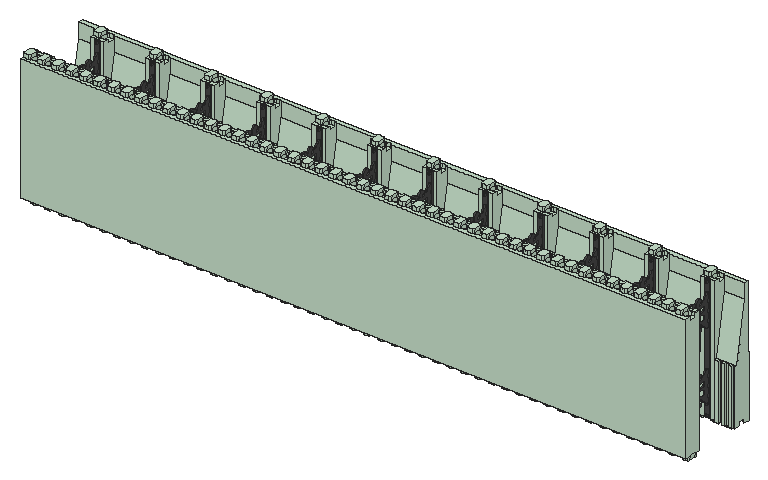
Revit family
Parameters (values of type "152 mm Taper Top Form Unit")
  URL = "www.nudura.com"
  Overall Form Thickness = 285.8 mm
  Model = "152 mm Single Sided Taper Top Form Unit"
  Manufacturer = "NUDURA Corporation"
  Length = 2438.4 mm
  Concrete Core Thickness = 152.4 mm
Reference planes
  plane 1 "Center (Front/Back)": y = 0
  plane 2: z = 0
  plane 3 "Center (Left/Right)": x = 0
Forms (mm)
  Extrusion 1, solid, material "EPS- NUDURA- Foam Panel"
    sketch origin (0, 0.019, 0) x (1, 0, 0) y (0, 1, 0)
      loop
        line (7.142, -82.55) -> (0, -82.55) -> (0, -142.875) -> (2438.4, -142.875) -> (2438.4, -82.55) -> (2431.258, -82.55) -> (2432.842, -76.2) -> (2418.558, -76.2) -> (2420.142, -82.55) -> (2405.858, -82.55) -> (2407.442, -76.2) -> (2393.158, -76.2) -> (2394.742, -82.55) -> (2380.458, -82.55) -> (2382.042, -76.2) -> (2367.758, -76.2) -> (2369.342, -82.55) -> (2304.258, -82.55) -> (2305.842, -76.2) -> (2291.558, -76.2) -> (2293.142, -82.55) -> (2278.858, -82.55) -> (2280.442, -76.2) -> (2266.158, -76.2) -> (2267.742, -82.55) -> (2253.458, -82.55) -> (2255.042, -76.2) -> (2240.758, -76.2) -> (2242.342, -82.55) -> (2228.058, -82.55) -> (2229.642, -76.2) -> (2215.358, -76.2) -> (2216.942, -82.55) -> (2202.658, -82.55) -> (2204.242, -76.2) -> (2189.958, -76.2) -> (2191.542, -82.55) -> (2177.258, -82.55) -> (2178.842, -76.2) -> (2164.558, -76.2) -> (2166.142, -82.55) -> (2101.058, -82.55) -> (2102.642, -76.2) -> (2088.358, -76.2) -> (2089.942, -82.55) -> (2075.658, -82.55) -> (2077.242, -76.2) -> (2062.958, -76.2) -> (2064.542, -82.55) -> (2050.258, -82.55) -> (2051.842, -76.2) -> (2037.558, -76.2) -> (2039.142, -82.55) -> (2024.858, -82.55) -> (2026.442, -76.2) -> (2012.158, -76.2) -> (2013.742, -82.55) -> (1999.458, -82.55) -> (2001.042, -76.2) -> (1986.758, -76.2) -> (1988.342, -82.55) -> (1974.058, -82.55) -> (1975.642, -76.2) -> (1961.358, -76.2) -> (1962.942, -82.55) -> (1897.858, -82.55) -> (1899.442, -76.2) -> (1885.158, -76.2) -> (1886.742, -82.55) -> (1872.458, -82.55) -> (1874.042, -76.2) -> (1859.758, -76.2) -> (1861.342, -82.55) -> (1847.058, -82.55) -> (1848.642, -76.2) -> (1834.358, -76.2) -> (1835.942, -82.55) -> (1821.658, -82.55) -> (1823.242, -76.2) -> (1808.958, -76.2) -> (1810.542, -82.55) -> (1796.258, -82.55) -> (1797.842, -76.2) -> (1783.558, -76.2) -> (1785.142, -82.55) -> (1770.858, -82.55) -> (1772.442, -76.2) -> (1758.158, -76.2) -> (1759.742, -82.55) -> (1694.658, -82.55) -> (1696.242, -76.2) -> (1681.958, -76.2) -> (1683.542, -82.55) -> (1669.258, -82.55) -> (1670.842, -76.2) -> (1656.558, -76.2) -> (1658.142, -82.55) -> (1643.858, -82.55) -> (1645.442, -76.2) -> (1631.158, -76.2) -> (1632.742, -82.55) -> (1618.458, -82.55) -> (1620.042, -76.2) -> (1605.758, -76.2) -> (1607.342, -82.55) -> (1593.058, -82.55) -> (1594.642, -76.2) -> (1580.358, -76.2) -> (1581.942, -82.55) -> (1567.658, -82.55) -> (1569.242, -76.2) -> (1554.958, -76.2) -> (1556.542, -82.55) -> (1491.458, -82.55) -> (1493.042, -76.2) -> (1478.758, -76.2) -> (1480.342, -82.55) -> (1466.058, -82.55) -> (1467.642, -76.2) -> (1453.358, -76.2) -> (1454.942, -82.55) -> (1440.658, -82.55) -> (1442.242, -76.2) -> (1427.958, -76.2) -> (1429.542, -82.55) -> (1415.258, -82.55) -> (1416.842, -76.2) -> (1402.558, -76.2) -> (1404.142, -82.55) -> (1389.858, -82.55) -> (1391.442, -76.2) -> (1377.158, -76.2) -> (1378.742, -82.55) -> (1364.458, -82.55) -> (1366.042, -76.2) -> (1351.758, -76.2) -> (1353.342, -82.55) -> (1288.258, -82.55) -> (1289.842, -76.2) -> (1275.558, -76.2) -> (1277.142, -82.55) -> (1262.858, -82.55) -> (1264.442, -76.2) -> (1250.158, -76.2) -> (1251.742, -82.55) -> (1237.458, -82.55) -> (1239.042, -76.2) -> (1224.758, -76.2) -> (1226.342, -82.55) -> (1212.058, -82.55) -> (1213.642, -76.2) -> (1199.358, -76.2) -> (1200.942, -82.55) -> (1186.658, -82.55) -> (1188.242, -76.2) -> (1173.958, -76.2) -> (1175.542, -82.55) -> (1161.258, -82.55) -> (1162.842, -76.2) -> (1148.558, -76.2) -> (1150.142, -82.55) -> (1085.058, -82.55) -> (1086.642, -76.2) -> (1072.358, -76.2) -> (1073.942, -82.55) -> (1059.658, -82.55) -> (1061.242, -76.2) -> (1046.958, -76.2) -> (1048.542, -82.55) -> (1034.258, -82.55) -> (1035.842, -76.2) -> (1021.558, -76.2) -> (1023.142, -82.55) -> (1008.858, -82.55) -> (1010.442, -76.2) -> (996.158, -76.2) -> (997.742, -82.55) -> (983.458, -82.55) -> (985.042, -76.2) -> (970.758, -76.2) -> (972.342, -82.55) -> (958.058, -82.55) -> (959.642, -76.2) -> (945.358, -76.2) -> (946.942, -82.55) -> (881.858, -82.55) -> (883.442, -76.2) -> (869.158, -76.2) -> (870.742, -82.55) -> (856.458, -82.55) -> (858.042, -76.2) -> (843.758, -76.2) -> (845.342, -82.55) -> (831.058, -82.55) -> (832.642, -76.2) -> (818.358, -76.2) -> (819.942, -82.55) -> (805.658, -82.55) -> (807.242, -76.2) -> (792.958, -76.2) -> (794.542, -82.55) -> (780.258, -82.55) -> (781.842, -76.2) -> (767.558, -76.2) -> (769.142, -82.55) -> (754.858, -82.55) -> (756.442, -76.2) -> (742.158, -76.2) -> (743.742, -82.55) -> (678.658, -82.55) -> (680.242, -76.2) -> (665.958, -76.2) -> (667.542, -82.55) -> (653.258, -82.55) -> (654.842, -76.2) -> (640.558, -76.2) -> (642.142, -82.55) -> (627.858, -82.55) -> (629.442, -76.2) -> (615.158, -76.2) -> (616.742, -82.55) -> (602.458, -82.55) -> (604.042, -76.2) -> (589.758, -76.2) -> (591.342, -82.55) -> (577.058, -82.55) -> (578.642, -76.2) -> (564.358, -76.2) -> (565.942, -82.55) -> (551.658, -82.55) -> (553.242, -76.2) -> (538.958, -76.2) -> (540.542, -82.55) -> (475.458, -82.55) -> (477.042, -76.2) -> (462.758, -76.2) -> (464.342, -82.55) -> (450.058, -82.55) -> (451.642, -76.2) -> (437.358, -76.2) -> (438.942, -82.55) -> (424.658, -82.55) -> (426.242, -76.2) -> (411.958, -76.2) -> (413.542, -82.55) -> (399.258, -82.55) -> (400.842, -76.2) -> (386.558, -76.2) -> (388.142, -82.55) -> (373.858, -82.55) -> (375.442, -76.2) -> (361.158, -76.2) -> (362.742, -82.55) -> (348.458, -82.55) -> (350.042, -76.2) -> (335.758, -76.2) -> (337.342, -82.55) -> (272.258, -82.55) -> (273.842, -76.2) -> (259.558, -76.2) -> (261.142, -82.55) -> (246.858, -82.55) -> (248.442, -76.2) -> (234.158, -76.2) -> (235.742, -82.55) -> (221.458, -82.55) -> (223.042, -76.2) -> (208.758, -76.2) -> (210.342, -82.55) -> (196.058, -82.55) -> (197.642, -76.2) -> (183.358, -76.2) -> (184.942, -82.55) -> (170.658, -82.55) -> (172.242, -76.2) -> (157.958, -76.2) -> (159.542, -82.55) -> (145.258, -82.55) -> (146.842, -76.2) -> (132.558, -76.2) -> (134.142, -82.55) -> (69.058, -82.55) -> (70.642, -76.2) -> (56.358, -76.2) -> (57.942, -82.55) -> (43.658, -82.55) -> (45.242, -76.2) -> (30.958, -76.2) -> (32.542, -82.55) -> (18.258, -82.55) -> (19.842, -76.2) -> (5.558, -76.2) -> (7.142, -82.55)
    from 0 to 457.2
  Extrusion 2, void
    sketch origin (0, 0.019, 0) x (1, 0, 0) y (0, 1, 0)
      loop
        arc (25.4, -124.411) -> (26.615, -128.147) -> (29.796, -130.453) r 6.35
        arc (29.796, -130.453) -> (38.1, -131.763) -> (46.404, -130.453) r 26.987
        arc (46.404, -130.453) -> (49.585, -128.147) -> (50.8, -124.411) r 6.35
        line (50.8, -124.411) -> (50.8, -101.014)
        arc (50.8, -101.014) -> (50.362, -98.696) -> (49.108, -96.698) r 6.35
        arc (49.108, -96.698) -> (48.795, -96.199) -> (48.685, -95.62) r 1.588
        line (48.685, -95.62) -> (48.685, -86.829) -> (44.346, -86.829) -> (44.346, -92.457)
        arc (44.346, -92.457) -> (43.786, -93.668) -> (42.5, -94.024) r 1.587
        arc (42.5, -94.024) -> (36.091, -93.737) -> (29.796, -94.972) r 26.988
        arc (29.796, -94.972) -> (26.615, -97.278) -> (25.4, -101.014) r 6.35
        line (25.4, -101.014) -> (25.4, -124.411)
    from 457.2 to 444.5
  Extrusion 3, void
    sketch origin (50.8, 0.019, 0) x (1, 0, 0) y (0, 1, 0)
      loop
        arc (25.4, -124.411) -> (26.615, -128.147) -> (29.796, -130.453) r 6.35
        arc (29.796, -130.453) -> (38.1, -131.763) -> (46.404, -130.453) r 26.987
        arc (46.404, -130.453) -> (49.585, -128.147) -> (50.8, -124.411) r 6.35
        line (50.8, -124.411) -> (50.8, -101.014)
        arc (50.8, -101.014) -> (50.362, -98.696) -> (49.108, -96.698) r 6.35
        arc (49.108, -96.698) -> (48.795, -96.199) -> (48.685, -95.62) r 1.588
        line (48.685, -95.62) -> (48.685, -86.829) -> (44.346, -86.829) -> (44.346, -92.457)
        arc (44.346, -92.457) -> (43.786, -93.668) -> (42.5, -94.024) r 1.587
        arc (42.5, -94.024) -> (36.091, -93.737) -> (29.796, -94.972) r 26.988
        arc (29.796, -94.972) -> (26.615, -97.278) -> (25.4, -101.014) r 6.35
        line (25.4, -101.014) -> (25.4, -124.411)
    from 457.2 to 444.5
  Extrusion 4, void
    sketch origin (101.6, 0.019, 0) x (1, 0, 0) y (0, 1, 0)
      loop
        arc (25.4, -124.411) -> (26.615, -128.147) -> (29.796, -130.453) r 6.35
        arc (29.796, -130.453) -> (38.1, -131.763) -> (46.404, -130.453) r 26.987
        arc (46.404, -130.453) -> (49.585, -128.147) -> (50.8, -124.411) r 6.35
        line (50.8, -124.411) -> (50.8, -101.014)
        arc (50.8, -101.014) -> (50.362, -98.696) -> (49.108, -96.698) r 6.35
        arc (49.108, -96.698) -> (48.795, -96.199) -> (48.685, -95.62) r 1.588
        line (48.685, -95.62) -> (48.685, -86.829) -> (44.346, -86.829) -> (44.346, -92.457)
        arc (44.346, -92.457) -> (43.786, -93.668) -> (42.5, -94.024) r 1.587
        arc (42.5, -94.024) -> (36.091, -93.737) -> (29.796, -94.972) r 26.988
        arc (29.796, -94.972) -> (26.615, -97.278) -> (25.4, -101.014) r 6.35
        line (25.4, -101.014) -> (25.4, -124.411)
    from 457.2 to 444.5
  Extrusion 5, void
    sketch origin (152.4, 0.019, 0) x (1, 0, 0) y (0, 1, 0)
      loop
        arc (25.4, -124.411) -> (26.615, -128.147) -> (29.796, -130.453) r 6.35
        arc (29.796, -130.453) -> (38.1, -131.763) -> (46.404, -130.453) r 26.987
        arc (46.404, -130.453) -> (49.585, -128.147) -> (50.8, -124.411) r 6.35
        line (50.8, -124.411) -> (50.8, -101.014)
        arc (50.8, -101.014) -> (50.362, -98.696) -> (49.108, -96.698) r 6.35
        arc (49.108, -96.698) -> (48.795, -96.199) -> (48.685, -95.62) r 1.588
        line (48.685, -95.62) -> (48.685, -86.829) -> (44.346, -86.829) -> (44.346, -92.457)
        arc (44.346, -92.457) -> (43.786, -93.668) -> (42.5, -94.024) r 1.587
        arc (42.5, -94.024) -> (36.091, -93.737) -> (29.796, -94.972) r 26.988
        arc (29.796, -94.972) -> (26.615, -97.278) -> (25.4, -101.014) r 6.35
        line (25.4, -101.014) -> (25.4, -124.411)
    from 457.2 to 444.5
  Extrusion 6, void
    sketch origin (203.2, 0.019, 0) x (1, 0, 0) y (0, 1, 0)
      loop
        arc (25.4, -124.411) -> (26.615, -128.147) -> (29.796, -130.453) r 6.35
        arc (29.796, -130.453) -> (38.1, -131.763) -> (46.404, -130.453) r 26.987
        arc (46.404, -130.453) -> (49.585, -128.147) -> (50.8, -124.411) r 6.35
        line (50.8, -124.411) -> (50.8, -101.014)
        arc (50.8, -101.014) -> (50.362, -98.696) -> (49.108, -96.698) r 6.35
        arc (49.108, -96.698) -> (48.795, -96.199) -> (48.685, -95.62) r 1.588
        line (48.685, -95.62) -> (48.685, -86.829) -> (44.346, -86.829) -> (44.346, -92.457)
        arc (44.346, -92.457) -> (43.786, -93.668) -> (42.5, -94.024) r 1.587
        arc (42.5, -94.024) -> (36.091, -93.737) -> (29.796, -94.972) r 26.988
        arc (29.796, -94.972) -> (26.615, -97.278) -> (25.4, -101.014) r 6.35
        line (25.4, -101.014) -> (25.4, -124.411)
    from 457.2 to 444.5
  Extrusion 7, void
    sketch origin (254, 0.019, 0) x (1, 0, 0) y (0, 1, 0)
      loop
        arc (25.4, -124.411) -> (26.615, -128.147) -> (29.796, -130.453) r 6.35
        arc (29.796, -130.453) -> (38.1, -131.763) -> (46.404, -130.453) r 26.987
        arc (46.404, -130.453) -> (49.585, -128.147) -> (50.8, -124.411) r 6.35
        line (50.8, -124.411) -> (50.8, -101.014)
        arc (50.8, -101.014) -> (50.362, -98.696) -> (49.108, -96.698) r 6.35
        arc (49.108, -96.698) -> (48.795, -96.199) -> (48.685, -95.62) r 1.588
        line (48.685, -95.62) -> (48.685, -86.829) -> (44.346, -86.829) -> (44.346, -92.457)
        arc (44.346, -92.457) -> (43.786, -93.668) -> (42.5, -94.024) r 1.587
        arc (42.5, -94.024) -> (36.091, -93.737) -> (29.796, -94.972) r 26.988
        arc (29.796, -94.972) -> (26.615, -97.278) -> (25.4, -101.014) r 6.35
        line (25.4, -101.014) -> (25.4, -124.411)
    from 457.2 to 444.5
  Extrusion 8, void
    sketch origin (304.8, 0.019, 0) x (1, 0, 0) y (0, 1, 0)
      loop
        arc (25.4, -124.411) -> (26.615, -128.147) -> (29.796, -130.453) r 6.35
        arc (29.796, -130.453) -> (38.1, -131.763) -> (46.404, -130.453) r 26.987
        arc (46.404, -130.453) -> (49.585, -128.147) -> (50.8, -124.411) r 6.35
        line (50.8, -124.411) -> (50.8, -101.014)
        arc (50.8, -101.014) -> (50.362, -98.696) -> (49.108, -96.698) r 6.35
        arc (49.108, -96.698) -> (48.795, -96.199) -> (48.685, -95.62) r 1.588
        line (48.685, -95.62) -> (48.685, -86.829) -> (44.346, -86.829) -> (44.346, -92.457)
        arc (44.346, -92.457) -> (43.786, -93.668) -> (42.5, -94.024) r 1.587
        arc (42.5, -94.024) -> (36.091, -93.737) -> (29.796, -94.972) r 26.988
        arc (29.796, -94.972) -> (26.615, -97.278) -> (25.4, -101.014) r 6.35
        line (25.4, -101.014) -> (25.4, -124.411)
    from 457.2 to 444.5
  Extrusion 9, void
    sketch origin (355.6, 0.019, 0) x (1, 0, 0) y (0, 1, 0)
      loop
        arc (25.4, -124.411) -> (26.615, -128.147) -> (29.796, -130.453) r 6.35
        arc (29.796, -130.453) -> (38.1, -131.763) -> (46.404, -130.453) r 26.987
        arc (46.404, -130.453) -> (49.585, -128.147) -> (50.8, -124.411) r 6.35
        line (50.8, -124.411) -> (50.8, -101.014)
        arc (50.8, -101.014) -> (50.362, -98.696) -> (49.108, -96.698) r 6.35
        arc (49.108, -96.698) -> (48.795, -96.199) -> (48.685, -95.62) r 1.588
        line (48.685, -95.62) -> (48.685, -86.829) -> (44.346, -86.829) -> (44.346, -92.457)
        arc (44.346, -92.457) -> (43.786, -93.668) -> (42.5, -94.024) r 1.587
        arc (42.5, -94.024) -> (36.091, -93.737) -> (29.796, -94.972) r 26.988
        arc (29.796, -94.972) -> (26.615, -97.278) -> (25.4, -101.014) r 6.35
        line (25.4, -101.014) -> (25.4, -124.411)
    from 457.2 to 444.5
  Extrusion 10, void
    sketch origin (406.4, 0.019, 0) x (1, 0, 0) y (0, 1, 0)
      loop
        arc (25.4, -124.411) -> (26.615, -128.147) -> (29.796, -130.453) r 6.35
        arc (29.796, -130.453) -> (38.1, -131.763) -> (46.404, -130.453) r 26.987
        arc (46.404, -130.453) -> (49.585, -128.147) -> (50.8, -124.411) r 6.35
        line (50.8, -124.411) -> (50.8, -101.014)
        arc (50.8, -101.014) -> (50.362, -98.696) -> (49.108, -96.698) r 6.35
        arc (49.108, -96.698) -> (48.795, -96.199) -> (48.685, -95.62) r 1.588
        line (48.685, -95.62) -> (48.685, -86.829) -> (44.346, -86.829) -> (44.346, -92.457)
        arc (44.346, -92.457) -> (43.786, -93.668) -> (42.5, -94.024) r 1.587
        arc (42.5, -94.024) -> (36.091, -93.737) -> (29.796, -94.972) r 26.988
        arc (29.796, -94.972) -> (26.615, -97.278) -> (25.4, -101.014) r 6.35
        line (25.4, -101.014) -> (25.4, -124.411)
    from 457.2 to 444.5
  Extrusion 11, void
    sketch origin (457.2, 0.019, 0) x (1, 0, 0) y (0, 1, 0)
      loop
        arc (25.4, -124.411) -> (26.615, -128.147) -> (29.796, -130.453) r 6.35
        arc (29.796, -130.453) -> (38.1, -131.763) -> (46.404, -130.453) r 26.987
        arc (46.404, -130.453) -> (49.585, -128.147) -> (50.8, -124.411) r 6.35
        line (50.8, -124.411) -> (50.8, -101.014)
        arc (50.8, -101.014) -> (50.362, -98.696) -> (49.108, -96.698) r 6.35
        arc (49.108, -96.698) -> (48.795, -96.199) -> (48.685, -95.62) r 1.588
        line (48.685, -95.62) -> (48.685, -86.829) -> (44.346, -86.829) -> (44.346, -92.457)
        arc (44.346, -92.457) -> (43.786, -93.668) -> (42.5, -94.024) r 1.587
        arc (42.5, -94.024) -> (36.091, -93.737) -> (29.796, -94.972) r 26.988
        arc (29.796, -94.972) -> (26.615, -97.278) -> (25.4, -101.014) r 6.35
        line (25.4, -101.014) -> (25.4, -124.411)
    from 457.2 to 444.5
  Extrusion 12, void
    sketch origin (508, 0.019, 0) x (1, 0, 0) y (0, 1, 0)
      loop
        arc (25.4, -124.411) -> (26.615, -128.147) -> (29.796, -130.453) r 6.35
        arc (29.796, -130.453) -> (38.1, -131.763) -> (46.404, -130.453) r 26.987
        arc (46.404, -130.453) -> (49.585, -128.147) -> (50.8, -124.411) r 6.35
        line (50.8, -124.411) -> (50.8, -101.014)
        arc (50.8, -101.014) -> (50.362, -98.696) -> (49.108, -96.698) r 6.35
        arc (49.108, -96.698) -> (48.795, -96.199) -> (48.685, -95.62) r 1.588
        line (48.685, -95.62) -> (48.685, -86.829) -> (44.346, -86.829) -> (44.346, -92.457)
        arc (44.346, -92.457) -> (43.786, -93.668) -> (42.5, -94.024) r 1.587
        arc (42.5, -94.024) -> (36.091, -93.737) -> (29.796, -94.972) r 26.988
        arc (29.796, -94.972) -> (26.615, -97.278) -> (25.4, -101.014) r 6.35
        line (25.4, -101.014) -> (25.4, -124.411)
    from 457.2 to 444.5
  Extrusion 13, void
    sketch origin (558.8, 0.019, 0) x (1, 0, 0) y (0, 1, 0)
      loop
        arc (25.4, -124.411) -> (26.615, -128.147) -> (29.796, -130.453) r 6.35
        arc (29.796, -130.453) -> (38.1, -131.763) -> (46.404, -130.453) r 26.987
        arc (46.404, -130.453) -> (49.585, -128.147) -> (50.8, -124.411) r 6.35
        line (50.8, -124.411) -> (50.8, -101.014)
        arc (50.8, -101.014) -> (50.362, -98.696) -> (49.108, -96.698) r 6.35
        arc (49.108, -96.698) -> (48.795, -96.199) -> (48.685, -95.62) r 1.588
        line (48.685, -95.62) -> (48.685, -86.829) -> (44.346, -86.829) -> (44.346, -92.457)
        arc (44.346, -92.457) -> (43.786, -93.668) -> (42.5, -94.024) r 1.587
        arc (42.5, -94.024) -> (36.091, -93.737) -> (29.796, -94.972) r 26.988
        arc (29.796, -94.972) -> (26.615, -97.278) -> (25.4, -101.014) r 6.35
        line (25.4, -101.014) -> (25.4, -124.411)
    from 457.2 to 444.5
  Extrusion 14, void
    sketch origin (609.6, 0.019, 0) x (1, 0, 0) y (0, 1, 0)
      loop
        arc (25.4, -124.411) -> (26.615, -128.147) -> (29.796, -130.453) r 6.35
        arc (29.796, -130.453) -> (38.1, -131.763) -> (46.404, -130.453) r 26.987
        arc (46.404, -130.453) -> (49.585, -128.147) -> (50.8, -124.411) r 6.35
        line (50.8, -124.411) -> (50.8, -101.014)
        arc (50.8, -101.014) -> (50.362, -98.696) -> (49.108, -96.698) r 6.35
        arc (49.108, -96.698) -> (48.795, -96.199) -> (48.685, -95.62) r 1.588
        line (48.685, -95.62) -> (48.685, -86.829) -> (44.346, -86.829) -> (44.346, -92.457)
        arc (44.346, -92.457) -> (43.786, -93.668) -> (42.5, -94.024) r 1.587
        arc (42.5, -94.024) -> (36.091, -93.737) -> (29.796, -94.972) r 26.988
        arc (29.796, -94.972) -> (26.615, -97.278) -> (25.4, -101.014) r 6.35
        line (25.4, -101.014) -> (25.4, -124.411)
    from 457.2 to 444.5
  Extrusion 15, void
    sketch origin (660.4, 0.019, 0) x (1, 0, 0) y (0, 1, 0)
      loop
        arc (25.4, -124.411) -> (26.615, -128.147) -> (29.796, -130.453) r 6.35
        arc (29.796, -130.453) -> (38.1, -131.763) -> (46.404, -130.453) r 26.987
        arc (46.404, -130.453) -> (49.585, -128.147) -> (50.8, -124.411) r 6.35
        line (50.8, -124.411) -> (50.8, -101.014)
        arc (50.8, -101.014) -> (50.362, -98.696) -> (49.108, -96.698) r 6.35
        arc (49.108, -96.698) -> (48.795, -96.199) -> (48.685, -95.62) r 1.588
        line (48.685, -95.62) -> (48.685, -86.829) -> (44.346, -86.829) -> (44.346, -92.457)
        arc (44.346, -92.457) -> (43.786, -93.668) -> (42.5, -94.024) r 1.587
        arc (42.5, -94.024) -> (36.091, -93.737) -> (29.796, -94.972) r 26.988
        arc (29.796, -94.972) -> (26.615, -97.278) -> (25.4, -101.014) r 6.35
        line (25.4, -101.014) -> (25.4, -124.411)
    from 457.2 to 444.5
  Extrusion 16, void
    sketch origin (711.2, 0.019, 0) x (1, 0, 0) y (0, 1, 0)
      loop
        arc (25.4, -124.411) -> (26.615, -128.147) -> (29.796, -130.453) r 6.35
        arc (29.796, -130.453) -> (38.1, -131.763) -> (46.404, -130.453) r 26.987
        arc (46.404, -130.453) -> (49.585, -128.147) -> (50.8, -124.411) r 6.35
        line (50.8, -124.411) -> (50.8, -101.014)
        arc (50.8, -101.014) -> (50.362, -98.696) -> (49.108, -96.698) r 6.35
        arc (49.108, -96.698) -> (48.795, -96.199) -> (48.685, -95.62) r 1.588
        line (48.685, -95.62) -> (48.685, -86.829) -> (44.346, -86.829) -> (44.346, -92.457)
        arc (44.346, -92.457) -> (43.786, -93.668) -> (42.5, -94.024) r 1.587
        arc (42.5, -94.024) -> (36.091, -93.737) -> (29.796, -94.972) r 26.988
        arc (29.796, -94.972) -> (26.615, -97.278) -> (25.4, -101.014) r 6.35
        line (25.4, -101.014) -> (25.4, -124.411)
    from 457.2 to 444.5
  Extrusion 17, void
    sketch origin (762, 0.019, 0) x (1, 0, 0) y (0, 1, 0)
      loop
        arc (25.4, -124.411) -> (26.615, -128.147) -> (29.796, -130.453) r 6.35
        arc (29.796, -130.453) -> (38.1, -131.763) -> (46.404, -130.453) r 26.987
        arc (46.404, -130.453) -> (49.585, -128.147) -> (50.8, -124.411) r 6.35
        line (50.8, -124.411) -> (50.8, -101.014)
        arc (50.8, -101.014) -> (50.362, -98.696) -> (49.108, -96.698) r 6.35
        arc (49.108, -96.698) -> (48.795, -96.199) -> (48.685, -95.62) r 1.588
        line (48.685, -95.62) -> (48.685, -86.829) -> (44.346, -86.829) -> (44.346, -92.457)
        arc (44.346, -92.457) -> (43.786, -93.668) -> (42.5, -94.024) r 1.587
        arc (42.5, -94.024) -> (36.091, -93.737) -> (29.796, -94.972) r 26.988
        arc (29.796, -94.972) -> (26.615, -97.278) -> (25.4, -101.014) r 6.35
        line (25.4, -101.014) -> (25.4, -124.411)
    from 457.2 to 444.5
  Extrusion 18, void
    sketch origin (812.8, 0.019, 0) x (1, 0, 0) y (0, 1, 0)
      loop
        arc (25.4, -124.411) -> (26.615, -128.147) -> (29.796, -130.453) r 6.35
        arc (29.796, -130.453) -> (38.1, -131.763) -> (46.404, -130.453) r 26.987
        arc (46.404, -130.453) -> (49.585, -128.147) -> (50.8, -124.411) r 6.35
        line (50.8, -124.411) -> (50.8, -101.014)
        arc (50.8, -101.014) -> (50.362, -98.696) -> (49.108, -96.698) r 6.35
        arc (49.108, -96.698) -> (48.795, -96.199) -> (48.685, -95.62) r 1.588
        line (48.685, -95.62) -> (48.685, -86.829) -> (44.346, -86.829) -> (44.346, -92.457)
        arc (44.346, -92.457) -> (43.786, -93.668) -> (42.5, -94.024) r 1.587
        arc (42.5, -94.024) -> (36.091, -93.737) -> (29.796, -94.972) r 26.988
        arc (29.796, -94.972) -> (26.615, -97.278) -> (25.4, -101.014) r 6.35
        line (25.4, -101.014) -> (25.4, -124.411)
    from 457.2 to 444.5
  Extrusion 19, void
    sketch origin (863.6, 0.019, 0) x (1, 0, 0) y (0, 1, 0)
      loop
        arc (25.4, -124.411) -> (26.615, -128.147) -> (29.796, -130.453) r 6.35
        arc (29.796, -130.453) -> (38.1, -131.763) -> (46.404, -130.453) r 26.987
        arc (46.404, -130.453) -> (49.585, -128.147) -> (50.8, -124.411) r 6.35
        line (50.8, -124.411) -> (50.8, -101.014)
        arc (50.8, -101.014) -> (50.362, -98.696) -> (49.108, -96.698) r 6.35
        arc (49.108, -96.698) -> (48.795, -96.199) -> (48.685, -95.62) r 1.588
        line (48.685, -95.62) -> (48.685, -86.829) -> (44.346, -86.829) -> (44.346, -92.457)
        arc (44.346, -92.457) -> (43.786, -93.668) -> (42.5, -94.024) r 1.587
        arc (42.5, -94.024) -> (36.091, -93.737) -> (29.796, -94.972) r 26.988
        arc (29.796, -94.972) -> (26.615, -97.278) -> (25.4, -101.014) r 6.35
        line (25.4, -101.014) -> (25.4, -124.411)
    from 457.2 to 444.5
  Extrusion 20, void
    sketch origin (914.4, 0.019, 0) x (1, 0, 0) y (0, 1, 0)
      loop
        arc (25.4, -124.411) -> (26.615, -128.147) -> (29.796, -130.453) r 6.35
        arc (29.796, -130.453) -> (38.1, -131.763) -> (46.404, -130.453) r 26.987
        arc (46.404, -130.453) -> (49.585, -128.147) -> (50.8, -124.411) r 6.35
        line (50.8, -124.411) -> (50.8, -101.014)
        arc (50.8, -101.014) -> (50.362, -98.696) -> (49.108, -96.698) r 6.35
        arc (49.108, -96.698) -> (48.795, -96.199) -> (48.685, -95.62) r 1.588
        line (48.685, -95.62) -> (48.685, -86.829) -> (44.346, -86.829) -> (44.346, -92.457)
        arc (44.346, -92.457) -> (43.786, -93.668) -> (42.5, -94.024) r 1.587
        arc (42.5, -94.024) -> (36.091, -93.737) -> (29.796, -94.972) r 26.988
        arc (29.796, -94.972) -> (26.615, -97.278) -> (25.4, -101.014) r 6.35
        line (25.4, -101.014) -> (25.4, -124.411)
    from 457.2 to 444.5
  Extrusion 21, void
    sketch origin (965.2, 0.019, 0) x (1, 0, 0) y (0, 1, 0)
      loop
        arc (25.4, -124.411) -> (26.615, -128.147) -> (29.796, -130.453) r 6.35
        arc (29.796, -130.453) -> (38.1, -131.763) -> (46.404, -130.453) r 26.987
        arc (46.404, -130.453) -> (49.585, -128.147) -> (50.8, -124.411) r 6.35
        line (50.8, -124.411) -> (50.8, -101.014)
        arc (50.8, -101.014) -> (50.362, -98.696) -> (49.108, -96.698) r 6.35
        arc (49.108, -96.698) -> (48.795, -96.199) -> (48.685, -95.62) r 1.588
        line (48.685, -95.62) -> (48.685, -86.829) -> (44.346, -86.829) -> (44.346, -92.457)
        arc (44.346, -92.457) -> (43.786, -93.668) -> (42.5, -94.024) r 1.587
        arc (42.5, -94.024) -> (36.091, -93.737) -> (29.796, -94.972) r 26.988
        arc (29.796, -94.972) -> (26.615, -97.278) -> (25.4, -101.014) r 6.35
        line (25.4, -101.014) -> (25.4, -124.411)
    from 457.2 to 444.5
  Extrusion 22, void
    sketch origin (1016, 0.019, 0) x (1, 0, 0) y (0, 1, 0)
      loop
        arc (25.4, -124.411) -> (26.615, -128.147) -> (29.796, -130.453) r 6.35
        arc (29.796, -130.453) -> (38.1, -131.763) -> (46.404, -130.453) r 26.987
        arc (46.404, -130.453) -> (49.585, -128.147) -> (50.8, -124.411) r 6.35
        line (50.8, -124.411) -> (50.8, -101.014)
        arc (50.8, -101.014) -> (50.362, -98.696) -> (49.108, -96.698) r 6.35
        arc (49.108, -96.698) -> (48.795, -96.199) -> (48.685, -95.62) r 1.588
        line (48.685, -95.62) -> (48.685, -86.829) -> (44.346, -86.829) -> (44.346, -92.457)
        arc (44.346, -92.457) -> (43.786, -93.668) -> (42.5, -94.024) r 1.587
        arc (42.5, -94.024) -> (36.091, -93.737) -> (29.796, -94.972) r 26.988
        arc (29.796, -94.972) -> (26.615, -97.278) -> (25.4, -101.014) r 6.35
        line (25.4, -101.014) -> (25.4, -124.411)
    from 457.2 to 444.5
  Extrusion 23, void
    sketch origin (1066.8, 0.019, 0) x (1, 0, 0) y (0, 1, 0)
      loop
        arc (25.4, -124.411) -> (26.615, -128.147) -> (29.796, -130.453) r 6.35
        arc (29.796, -130.453) -> (38.1, -131.763) -> (46.404, -130.453) r 26.987
        arc (46.404, -130.453) -> (49.585, -128.147) -> (50.8, -124.411) r 6.35
        line (50.8, -124.411) -> (50.8, -101.014)
        arc (50.8, -101.014) -> (50.362, -98.696) -> (49.108, -96.698) r 6.35
        arc (49.108, -96.698) -> (48.795, -96.199) -> (48.685, -95.62) r 1.588
        line (48.685, -95.62) -> (48.685, -86.829) -> (44.346, -86.829) -> (44.346, -92.457)
        arc (44.346, -92.457) -> (43.786, -93.668) -> (42.5, -94.024) r 1.587
        arc (42.5, -94.024) -> (36.091, -93.737) -> (29.796, -94.972) r 26.988
        arc (29.796, -94.972) -> (26.615, -97.278) -> (25.4, -101.014) r 6.35
        line (25.4, -101.014) -> (25.4, -124.411)
    from 457.2 to 444.5
  Extrusion 24, void
    sketch origin (1117.6, 0.019, 0) x (1, 0, 0) y (0, 1, 0)
      loop
        arc (25.4, -124.411) -> (26.615, -128.147) -> (29.796, -130.453) r 6.35
        arc (29.796, -130.453) -> (38.1, -131.763) -> (46.404, -130.453) r 26.987
        arc (46.404, -130.453) -> (49.585, -128.147) -> (50.8, -124.411) r 6.35
        line (50.8, -124.411) -> (50.8, -101.014)
        arc (50.8, -101.014) -> (50.362, -98.696) -> (49.108, -96.698) r 6.35
        arc (49.108, -96.698) -> (48.795, -96.199) -> (48.685, -95.62) r 1.588
        line (48.685, -95.62) -> (48.685, -86.829) -> (44.346, -86.829) -> (44.346, -92.457)
        arc (44.346, -92.457) -> (43.786, -93.668) -> (42.5, -94.024) r 1.587
        arc (42.5, -94.024) -> (36.091, -93.737) -> (29.796, -94.972) r 26.988
        arc (29.796, -94.972) -> (26.615, -97.278) -> (25.4, -101.014) r 6.35
        line (25.4, -101.014) -> (25.4, -124.411)
    from 457.2 to 444.5
  Extrusion 25, void
    sketch origin (1168.4, 0.019, 0) x (1, 0, 0) y (0, 1, 0)
      loop
        arc (25.4, -124.411) -> (26.615, -128.147) -> (29.796, -130.453) r 6.35
        arc (29.796, -130.453) -> (38.1, -131.763) -> (46.404, -130.453) r 26.987
        arc (46.404, -130.453) -> (49.585, -128.147) -> (50.8, -124.411) r 6.35
        line (50.8, -124.411) -> (50.8, -101.014)
        arc (50.8, -101.014) -> (50.362, -98.696) -> (49.108, -96.698) r 6.35
        arc (49.108, -96.698) -> (48.795, -96.199) -> (48.685, -95.62) r 1.588
        line (48.685, -95.62) -> (48.685, -86.829) -> (44.346, -86.829) -> (44.346, -92.457)
        arc (44.346, -92.457) -> (43.786, -93.668) -> (42.5, -94.024) r 1.587
        arc (42.5, -94.024) -> (36.091, -93.737) -> (29.796, -94.972) r 26.988
        arc (29.796, -94.972) -> (26.615, -97.278) -> (25.4, -101.014) r 6.35
        line (25.4, -101.014) -> (25.4, -124.411)
    from 457.2 to 444.5
  Extrusion 26, void
    sketch origin (1219.2, 0.019, 0) x (1, 0, 0) y (0, 1, 0)
      loop
        arc (25.4, -124.411) -> (26.615, -128.147) -> (29.796, -130.453) r 6.35
        arc (29.796, -130.453) -> (38.1, -131.763) -> (46.404, -130.453) r 26.987
        arc (46.404, -130.453) -> (49.585, -128.147) -> (50.8, -124.411) r 6.35
        line (50.8, -124.411) -> (50.8, -101.014)
        arc (50.8, -101.014) -> (50.362, -98.696) -> (49.108, -96.698) r 6.35
        arc (49.108, -96.698) -> (48.795, -96.199) -> (48.685, -95.62) r 1.588
        line (48.685, -95.62) -> (48.685, -86.829) -> (44.346, -86.829) -> (44.346, -92.457)
        arc (44.346, -92.457) -> (43.786, -93.668) -> (42.5, -94.024) r 1.587
        arc (42.5, -94.024) -> (36.091, -93.737) -> (29.796, -94.972) r 26.988
        arc (29.796, -94.972) -> (26.615, -97.278) -> (25.4, -101.014) r 6.35
        line (25.4, -101.014) -> (25.4, -124.411)
    from 457.2 to 444.5
  Extrusion 27, void
    sketch origin (1270, 0.019, 0) x (1, 0, 0) y (0, 1, 0)
      loop
        arc (25.4, -124.411) -> (26.615, -128.147) -> (29.796, -130.453) r 6.35
        arc (29.796, -130.453) -> (38.1, -131.763) -> (46.404, -130.453) r 26.987
        arc (46.404, -130.453) -> (49.585, -128.147) -> (50.8, -124.411) r 6.35
        line (50.8, -124.411) -> (50.8, -101.014)
        arc (50.8, -101.014) -> (50.362, -98.696) -> (49.108, -96.698) r 6.35
        arc (49.108, -96.698) -> (48.795, -96.199) -> (48.685, -95.62) r 1.588
        line (48.685, -95.62) -> (48.685, -86.829) -> (44.346, -86.829) -> (44.346, -92.457)
        arc (44.346, -92.457) -> (43.786, -93.668) -> (42.5, -94.024) r 1.587
        arc (42.5, -94.024) -> (36.091, -93.737) -> (29.796, -94.972) r 26.988
        arc (29.796, -94.972) -> (26.615, -97.278) -> (25.4, -101.014) r 6.35
        line (25.4, -101.014) -> (25.4, -124.411)
    from 457.2 to 444.5
  Extrusion 28, void
    sketch origin (1320.8, 0.019, 0) x (1, 0, 0) y (0, 1, 0)
      loop
        arc (25.4, -124.411) -> (26.615, -128.147) -> (29.796, -130.453) r 6.35
        arc (29.796, -130.453) -> (38.1, -131.763) -> (46.404, -130.453) r 26.987
        arc (46.404, -130.453) -> (49.585, -128.147) -> (50.8, -124.411) r 6.35
        line (50.8, -124.411) -> (50.8, -101.014)
        arc (50.8, -101.014) -> (50.362, -98.696) -> (49.108, -96.698) r 6.35
        arc (49.108, -96.698) -> (48.795, -96.199) -> (48.685, -95.62) r 1.588
        line (48.685, -95.62) -> (48.685, -86.829) -> (44.346, -86.829) -> (44.346, -92.457)
        arc (44.346, -92.457) -> (43.786, -93.668) -> (42.5, -94.024) r 1.587
        arc (42.5, -94.024) -> (36.091, -93.737) -> (29.796, -94.972) r 26.988
        arc (29.796, -94.972) -> (26.615, -97.278) -> (25.4, -101.014) r 6.35
        line (25.4, -101.014) -> (25.4, -124.411)
    from 457.2 to 444.5
  Extrusion 29, void
    sketch origin (1371.6, 0.019, 0) x (1, 0, 0) y (0, 1, 0)
      loop
        arc (25.4, -124.411) -> (26.615, -128.147) -> (29.796, -130.453) r 6.35
        arc (29.796, -130.453) -> (38.1, -131.763) -> (46.404, -130.453) r 26.987
        arc (46.404, -130.453) -> (49.585, -128.147) -> (50.8, -124.411) r 6.35
        line (50.8, -124.411) -> (50.8, -101.014)
        arc (50.8, -101.014) -> (50.362, -98.696) -> (49.108, -96.698) r 6.35
        arc (49.108, -96.698) -> (48.795, -96.199) -> (48.685, -95.62) r 1.588
        line (48.685, -95.62) -> (48.685, -86.829) -> (44.346, -86.829) -> (44.346, -92.457)
        arc (44.346, -92.457) -> (43.786, -93.668) -> (42.5, -94.024) r 1.587
        arc (42.5, -94.024) -> (36.091, -93.737) -> (29.796, -94.972) r 26.988
        arc (29.796, -94.972) -> (26.615, -97.278) -> (25.4, -101.014) r 6.35
        line (25.4, -101.014) -> (25.4, -124.411)
    from 457.2 to 444.5
  Extrusion 30, void
    sketch origin (1422.4, 0.019, 0) x (1, 0, 0) y (0, 1, 0)
      loop
        arc (25.4, -124.411) -> (26.615, -128.147) -> (29.796, -130.453) r 6.35
        arc (29.796, -130.453) -> (38.1, -131.763) -> (46.404, -130.453) r 26.987
        arc (46.404, -130.453) -> (49.585, -128.147) -> (50.8, -124.411) r 6.35
        line (50.8, -124.411) -> (50.8, -101.014)
        arc (50.8, -101.014) -> (50.362, -98.696) -> (49.108, -96.698) r 6.35
        arc (49.108, -96.698) -> (48.795, -96.199) -> (48.685, -95.62) r 1.588
        line (48.685, -95.62) -> (48.685, -86.829) -> (44.346, -86.829) -> (44.346, -92.457)
        arc (44.346, -92.457) -> (43.786, -93.668) -> (42.5, -94.024) r 1.587
        arc (42.5, -94.024) -> (36.091, -93.737) -> (29.796, -94.972) r 26.988
        arc (29.796, -94.972) -> (26.615, -97.278) -> (25.4, -101.014) r 6.35
        line (25.4, -101.014) -> (25.4, -124.411)
    from 457.2 to 444.5
  Extrusion 31, void
    sketch origin (1473.2, 0.019, 0) x (1, 0, 0) y (0, 1, 0)
      loop
        arc (25.4, -124.411) -> (26.615, -128.147) -> (29.796, -130.453) r 6.35
        arc (29.796, -130.453) -> (38.1, -131.763) -> (46.404, -130.453) r 26.987
        arc (46.404, -130.453) -> (49.585, -128.147) -> (50.8, -124.411) r 6.35
        line (50.8, -124.411) -> (50.8, -101.014)
        arc (50.8, -101.014) -> (50.362, -98.696) -> (49.108, -96.698) r 6.35
        arc (49.108, -96.698) -> (48.795, -96.199) -> (48.685, -95.62) r 1.588
        line (48.685, -95.62) -> (48.685, -86.829) -> (44.346, -86.829) -> (44.346, -92.457)
        arc (44.346, -92.457) -> (43.786, -93.668) -> (42.5, -94.024) r 1.587
        arc (42.5, -94.024) -> (36.091, -93.737) -> (29.796, -94.972) r 26.988
        arc (29.796, -94.972) -> (26.615, -97.278) -> (25.4, -101.014) r 6.35
        line (25.4, -101.014) -> (25.4, -124.411)
    from 457.2 to 444.5
  Extrusion 32, void
    sketch origin (1524, 0.019, 0) x (1, 0, 0) y (0, 1, 0)
      loop
        arc (25.4, -124.411) -> (26.615, -128.147) -> (29.796, -130.453) r 6.35
        arc (29.796, -130.453) -> (38.1, -131.763) -> (46.404, -130.453) r 26.987
        arc (46.404, -130.453) -> (49.585, -128.147) -> (50.8, -124.411) r 6.35
        line (50.8, -124.411) -> (50.8, -101.014)
        arc (50.8, -101.014) -> (50.362, -98.696) -> (49.108, -96.698) r 6.35
        arc (49.108, -96.698) -> (48.795, -96.199) -> (48.685, -95.62) r 1.588
        line (48.685, -95.62) -> (48.685, -86.829) -> (44.346, -86.829) -> (44.346, -92.457)
        arc (44.346, -92.457) -> (43.786, -93.668) -> (42.5, -94.024) r 1.587
        arc (42.5, -94.024) -> (36.091, -93.737) -> (29.796, -94.972) r 26.988
        arc (29.796, -94.972) -> (26.615, -97.278) -> (25.4, -101.014) r 6.35
        line (25.4, -101.014) -> (25.4, -124.411)
    from 457.2 to 444.5
  Extrusion 33, void
    sketch origin (1574.8, 0.019, 0) x (1, 0, 0) y (0, 1, 0)
      loop
        arc (25.4, -124.411) -> (26.615, -128.147) -> (29.796, -130.453) r 6.35
        arc (29.796, -130.453) -> (38.1, -131.763) -> (46.404, -130.453) r 26.987
        arc (46.404, -130.453) -> (49.585, -128.147) -> (50.8, -124.411) r 6.35
        line (50.8, -124.411) -> (50.8, -101.014)
        arc (50.8, -101.014) -> (50.362, -98.696) -> (49.108, -96.698) r 6.35
        arc (49.108, -96.698) -> (48.795, -96.199) -> (48.685, -95.62) r 1.588
        line (48.685, -95.62) -> (48.685, -86.829) -> (44.346, -86.829) -> (44.346, -92.457)
        arc (44.346, -92.457) -> (43.786, -93.668) -> (42.5, -94.024) r 1.587
        arc (42.5, -94.024) -> (36.091, -93.737) -> (29.796, -94.972) r 26.988
        arc (29.796, -94.972) -> (26.615, -97.278) -> (25.4, -101.014) r 6.35
        line (25.4, -101.014) -> (25.4, -124.411)
    from 457.2 to 444.5
  Extrusion 34, void
    sketch origin (1625.6, 0.019, 0) x (1, 0, 0) y (0, 1, 0)
      loop
        arc (25.4, -124.411) -> (26.615, -128.147) -> (29.796, -130.453) r 6.35
        arc (29.796, -130.453) -> (38.1, -131.763) -> (46.404, -130.453) r 26.987
        arc (46.404, -130.453) -> (49.585, -128.147) -> (50.8, -124.411) r 6.35
        line (50.8, -124.411) -> (50.8, -101.014)
        arc (50.8, -101.014) -> (50.362, -98.696) -> (49.108, -96.698) r 6.35
        arc (49.108, -96.698) -> (48.795, -96.199) -> (48.685, -95.62) r 1.588
        line (48.685, -95.62) -> (48.685, -86.829) -> (44.346, -86.829) -> (44.346, -92.457)
        arc (44.346, -92.457) -> (43.786, -93.668) -> (42.5, -94.024) r 1.587
        arc (42.5, -94.024) -> (36.091, -93.737) -> (29.796, -94.972) r 26.988
        arc (29.796, -94.972) -> (26.615, -97.278) -> (25.4, -101.014) r 6.35
        line (25.4, -101.014) -> (25.4, -124.411)
    from 457.2 to 444.5
  Extrusion 35, void
    sketch origin (1676.4, 0.019, 0) x (1, 0, 0) y (0, 1, 0)
      loop
        arc (25.4, -124.411) -> (26.615, -128.147) -> (29.796, -130.453) r 6.35
        arc (29.796, -130.453) -> (38.1, -131.763) -> (46.404, -130.453) r 26.987
        arc (46.404, -130.453) -> (49.585, -128.147) -> (50.8, -124.411) r 6.35
        line (50.8, -124.411) -> (50.8, -101.014)
        arc (50.8, -101.014) -> (50.362, -98.696) -> (49.108, -96.698) r 6.35
        arc (49.108, -96.698) -> (48.795, -96.199) -> (48.685, -95.62) r 1.588
        line (48.685, -95.62) -> (48.685, -86.829) -> (44.346, -86.829) -> (44.346, -92.457)
        arc (44.346, -92.457) -> (43.786, -93.668) -> (42.5, -94.024) r 1.587
        arc (42.5, -94.024) -> (36.091, -93.737) -> (29.796, -94.972) r 26.988
        arc (29.796, -94.972) -> (26.615, -97.278) -> (25.4, -101.014) r 6.35
        line (25.4, -101.014) -> (25.4, -124.411)
    from 457.2 to 444.5
  Extrusion 36, void
    sketch origin (1727.2, 0.019, 0) x (1, 0, 0) y (0, 1, 0)
      loop
        arc (25.4, -124.411) -> (26.615, -128.147) -> (29.796, -130.453) r 6.35
        arc (29.796, -130.453) -> (38.1, -131.763) -> (46.404, -130.453) r 26.987
        arc (46.404, -130.453) -> (49.585, -128.147) -> (50.8, -124.411) r 6.35
        line (50.8, -124.411) -> (50.8, -101.014)
        arc (50.8, -101.014) -> (50.362, -98.696) -> (49.108, -96.698) r 6.35
        arc (49.108, -96.698) -> (48.795, -96.199) -> (48.685, -95.62) r 1.588
        line (48.685, -95.62) -> (48.685, -86.829) -> (44.346, -86.829) -> (44.346, -92.457)
        arc (44.346, -92.457) -> (43.786, -93.668) -> (42.5, -94.024) r 1.587
        arc (42.5, -94.024) -> (36.091, -93.737) -> (29.796, -94.972) r 26.988
        arc (29.796, -94.972) -> (26.615, -97.278) -> (25.4, -101.014) r 6.35
        line (25.4, -101.014) -> (25.4, -124.411)
    from 457.2 to 444.5
  Extrusion 37, void
    sketch origin (1778, 0.019, 0) x (1, 0, 0) y (0, 1, 0)
      loop
        arc (25.4, -124.411) -> (26.615, -128.147) -> (29.796, -130.453) r 6.35
        arc (29.796, -130.453) -> (38.1, -131.763) -> (46.404, -130.453) r 26.987
        arc (46.404, -130.453) -> (49.585, -128.147) -> (50.8, -124.411) r 6.35
        line (50.8, -124.411) -> (50.8, -101.014)
        arc (50.8, -101.014) -> (50.362, -98.696) -> (49.108, -96.698) r 6.35
        arc (49.108, -96.698) -> (48.795, -96.199) -> (48.685, -95.62) r 1.588
        line (48.685, -95.62) -> (48.685, -86.829) -> (44.346, -86.829) -> (44.346, -92.457)
        arc (44.346, -92.457) -> (43.786, -93.668) -> (42.5, -94.024) r 1.587
        arc (42.5, -94.024) -> (36.091, -93.737) -> (29.796, -94.972) r 26.988
        arc (29.796, -94.972) -> (26.615, -97.278) -> (25.4, -101.014) r 6.35
        line (25.4, -101.014) -> (25.4, -124.411)
    from 457.2 to 444.5
  Extrusion 38, void
    sketch origin (1828.8, 0.019, 0) x (1, 0, 0) y (0, 1, 0)
      loop
        arc (25.4, -124.411) -> (26.615, -128.147) -> (29.796, -130.453) r 6.35
        arc (29.796, -130.453) -> (38.1, -131.763) -> (46.404, -130.453) r 26.987
        arc (46.404, -130.453) -> (49.585, -128.147) -> (50.8, -124.411) r 6.35
        line (50.8, -124.411) -> (50.8, -101.014)
        arc (50.8, -101.014) -> (50.362, -98.696) -> (49.108, -96.698) r 6.35
        arc (49.108, -96.698) -> (48.795, -96.199) -> (48.685, -95.62) r 1.588
        line (48.685, -95.62) -> (48.685, -86.829) -> (44.346, -86.829) -> (44.346, -92.457)
        arc (44.346, -92.457) -> (43.786, -93.668) -> (42.5, -94.024) r 1.587
        arc (42.5, -94.024) -> (36.091, -93.737) -> (29.796, -94.972) r 26.988
        arc (29.796, -94.972) -> (26.615, -97.278) -> (25.4, -101.014) r 6.35
        line (25.4, -101.014) -> (25.4, -124.411)
    from 457.2 to 444.5
  Extrusion 39, void
    sketch origin (1879.6, 0.019, 0) x (1, 0, 0) y (0, 1, 0)
      loop
        arc (25.4, -124.411) -> (26.615, -128.147) -> (29.796, -130.453) r 6.35
        arc (29.796, -130.453) -> (38.1, -131.763) -> (46.404, -130.453) r 26.987
        arc (46.404, -130.453) -> (49.585, -128.147) -> (50.8, -124.411) r 6.35
        line (50.8, -124.411) -> (50.8, -101.014)
        arc (50.8, -101.014) -> (50.362, -98.696) -> (49.108, -96.698) r 6.35
        arc (49.108, -96.698) -> (48.795, -96.199) -> (48.685, -95.62) r 1.588
        line (48.685, -95.62) -> (48.685, -86.829) -> (44.346, -86.829) -> (44.346, -92.457)
        arc (44.346, -92.457) -> (43.786, -93.668) -> (42.5, -94.024) r 1.587
        arc (42.5, -94.024) -> (36.091, -93.737) -> (29.796, -94.972) r 26.988
        arc (29.796, -94.972) -> (26.615, -97.278) -> (25.4, -101.014) r 6.35
        line (25.4, -101.014) -> (25.4, -124.411)
    from 457.2 to 444.5
  Extrusion 40, void
    sketch origin (1930.4, 0.019, 0) x (1, 0, 0) y (0, 1, 0)
      loop
        arc (25.4, -124.411) -> (26.615, -128.147) -> (29.796, -130.453) r 6.35
        arc (29.796, -130.453) -> (38.1, -131.763) -> (46.404, -130.453) r 26.987
        arc (46.404, -130.453) -> (49.585, -128.147) -> (50.8, -124.411) r 6.35
        line (50.8, -124.411) -> (50.8, -101.014)
        arc (50.8, -101.014) -> (50.362, -98.696) -> (49.108, -96.698) r 6.35
        arc (49.108, -96.698) -> (48.795, -96.199) -> (48.685, -95.62) r 1.588
        line (48.685, -95.62) -> (48.685, -86.829) -> (44.346, -86.829) -> (44.346, -92.457)
        arc (44.346, -92.457) -> (43.786, -93.668) -> (42.5, -94.024) r 1.587
        arc (42.5, -94.024) -> (36.091, -93.737) -> (29.796, -94.972) r 26.988
        arc (29.796, -94.972) -> (26.615, -97.278) -> (25.4, -101.014) r 6.35
        line (25.4, -101.014) -> (25.4, -124.411)
    from 457.2 to 444.5
  Extrusion 41, void
    sketch origin (1981.2, 0.019, 0) x (1, 0, 0) y (0, 1, 0)
      loop
        arc (25.4, -124.411) -> (26.615, -128.147) -> (29.796, -130.453) r 6.35
        arc (29.796, -130.453) -> (38.1, -131.763) -> (46.404, -130.453) r 26.987
        arc (46.404, -130.453) -> (49.585, -128.147) -> (50.8, -124.411) r 6.35
        line (50.8, -124.411) -> (50.8, -101.014)
        arc (50.8, -101.014) -> (50.362, -98.696) -> (49.108, -96.698) r 6.35
        arc (49.108, -96.698) -> (48.795, -96.199) -> (48.685, -95.62) r 1.588
        line (48.685, -95.62) -> (48.685, -86.829) -> (44.346, -86.829) -> (44.346, -92.457)
        arc (44.346, -92.457) -> (43.786, -93.668) -> (42.5, -94.024) r 1.587
        arc (42.5, -94.024) -> (36.091, -93.737) -> (29.796, -94.972) r 26.988
        arc (29.796, -94.972) -> (26.615, -97.278) -> (25.4, -101.014) r 6.35
        line (25.4, -101.014) -> (25.4, -124.411)
    from 457.2 to 444.5
  Extrusion 42, void
    sketch origin (2032, 0.019, 0) x (1, 0, 0) y (0, 1, 0)
      loop
        arc (25.4, -124.411) -> (26.615, -128.147) -> (29.796, -130.453) r 6.35
        arc (29.796, -130.453) -> (38.1, -131.763) -> (46.404, -130.453) r 26.987
        arc (46.404, -130.453) -> (49.585, -128.147) -> (50.8, -124.411) r 6.35
        line (50.8, -124.411) -> (50.8, -101.014)
        arc (50.8, -101.014) -> (50.362, -98.696) -> (49.108, -96.698) r 6.35
        arc (49.108, -96.698) -> (48.795, -96.199) -> (48.685, -95.62) r 1.588
        line (48.685, -95.62) -> (48.685, -86.829) -> (44.346, -86.829) -> (44.346, -92.457)
        arc (44.346, -92.457) -> (43.786, -93.668) -> (42.5, -94.024) r 1.587
        arc (42.5, -94.024) -> (36.091, -93.737) -> (29.796, -94.972) r 26.988
        arc (29.796, -94.972) -> (26.615, -97.278) -> (25.4, -101.014) r 6.35
        line (25.4, -101.014) -> (25.4, -124.411)
    from 457.2 to 444.5
  Extrusion 43, void
    sketch origin (2082.8, 0.019, 0) x (1, 0, 0) y (0, 1, 0)
      loop
        arc (25.4, -124.411) -> (26.615, -128.147) -> (29.796, -130.453) r 6.35
        arc (29.796, -130.453) -> (38.1, -131.763) -> (46.404, -130.453) r 26.987
        arc (46.404, -130.453) -> (49.585, -128.147) -> (50.8, -124.411) r 6.35
        line (50.8, -124.411) -> (50.8, -101.014)
        arc (50.8, -101.014) -> (50.362, -98.696) -> (49.108, -96.698) r 6.35
        arc (49.108, -96.698) -> (48.795, -96.199) -> (48.685, -95.62) r 1.588
        line (48.685, -95.62) -> (48.685, -86.829) -> (44.346, -86.829) -> (44.346, -92.457)
        arc (44.346, -92.457) -> (43.786, -93.668) -> (42.5, -94.024) r 1.587
        arc (42.5, -94.024) -> (36.091, -93.737) -> (29.796, -94.972) r 26.988
        arc (29.796, -94.972) -> (26.615, -97.278) -> (25.4, -101.014) r 6.35
        line (25.4, -101.014) -> (25.4, -124.411)
    from 457.2 to 444.5
  Extrusion 44, void
    sketch origin (2133.6, 0.019, 0) x (1, 0, 0) y (0, 1, 0)
      loop
        arc (25.4, -124.411) -> (26.615, -128.147) -> (29.796, -130.453) r 6.35
        arc (29.796, -130.453) -> (38.1, -131.763) -> (46.404, -130.453) r 26.987
        arc (46.404, -130.453) -> (49.585, -128.147) -> (50.8, -124.411) r 6.35
        line (50.8, -124.411) -> (50.8, -101.014)
        arc (50.8, -101.014) -> (50.362, -98.696) -> (49.108, -96.698) r 6.35
        arc (49.108, -96.698) -> (48.795, -96.199) -> (48.685, -95.62) r 1.588
        line (48.685, -95.62) -> (48.685, -86.829) -> (44.346, -86.829) -> (44.346, -92.457)
        arc (44.346, -92.457) -> (43.786, -93.668) -> (42.5, -94.024) r 1.587
        arc (42.5, -94.024) -> (36.091, -93.737) -> (29.796, -94.972) r 26.988
        arc (29.796, -94.972) -> (26.615, -97.278) -> (25.4, -101.014) r 6.35
        line (25.4, -101.014) -> (25.4, -124.411)
    from 457.2 to 444.5
  Extrusion 45, void
    sketch origin (2184.4, 0.019, 0) x (1, 0, 0) y (0, 1, 0)
      loop
        arc (25.4, -124.411) -> (26.615, -128.147) -> (29.796, -130.453) r 6.35
        arc (29.796, -130.453) -> (38.1, -131.763) -> (46.404, -130.453) r 26.987
        arc (46.404, -130.453) -> (49.585, -128.147) -> (50.8, -124.411) r 6.35
        line (50.8, -124.411) -> (50.8, -101.014)
        arc (50.8, -101.014) -> (50.362, -98.696) -> (49.108, -96.698) r 6.35
        arc (49.108, -96.698) -> (48.795, -96.199) -> (48.685, -95.62) r 1.588
        line (48.685, -95.62) -> (48.685, -86.829) -> (44.346, -86.829) -> (44.346, -92.457)
        arc (44.346, -92.457) -> (43.786, -93.668) -> (42.5, -94.024) r 1.587
        arc (42.5, -94.024) -> (36.091, -93.737) -> (29.796, -94.972) r 26.988
        arc (29.796, -94.972) -> (26.615, -97.278) -> (25.4, -101.014) r 6.35
        line (25.4, -101.014) -> (25.4, -124.411)
    from 457.2 to 444.5
  Extrusion 46, void
    sketch origin (2235.2, 0.019, 0) x (1, 0, 0) y (0, 1, 0)
      loop
        arc (25.4, -124.411) -> (26.615, -128.147) -> (29.796, -130.453) r 6.35
        arc (29.796, -130.453) -> (38.1, -131.763) -> (46.404, -130.453) r 26.987
        arc (46.404, -130.453) -> (49.585, -128.147) -> (50.8, -124.411) r 6.35
        line (50.8, -124.411) -> (50.8, -101.014)
        arc (50.8, -101.014) -> (50.362, -98.696) -> (49.108, -96.698) r 6.35
        arc (49.108, -96.698) -> (48.795, -96.199) -> (48.685, -95.62) r 1.588
        line (48.685, -95.62) -> (48.685, -86.829) -> (44.346, -86.829) -> (44.346, -92.457)
        arc (44.346, -92.457) -> (43.786, -93.668) -> (42.5, -94.024) r 1.587
        arc (42.5, -94.024) -> (36.091, -93.737) -> (29.796, -94.972) r 26.988
        arc (29.796, -94.972) -> (26.615, -97.278) -> (25.4, -101.014) r 6.35
        line (25.4, -101.014) -> (25.4, -124.411)
    from 457.2 to 444.5
  Extrusion 47, void
    sketch origin (2286, 0.019, 0) x (1, 0, 0) y (0, 1, 0)
      loop
        arc (25.4, -124.411) -> (26.615, -128.147) -> (29.796, -130.453) r 6.35
        arc (29.796, -130.453) -> (38.1, -131.763) -> (46.404, -130.453) r 26.987
        arc (46.404, -130.453) -> (49.585, -128.147) -> (50.8, -124.411) r 6.35
        line (50.8, -124.411) -> (50.8, -101.014)
        arc (50.8, -101.014) -> (50.362, -98.696) -> (49.108, -96.698) r 6.35
        arc (49.108, -96.698) -> (48.795, -96.199) -> (48.685, -95.62) r 1.588
        line (48.685, -95.62) -> (48.685, -86.829) -> (44.346, -86.829) -> (44.346, -92.457)
        arc (44.346, -92.457) -> (43.786, -93.668) -> (42.5, -94.024) r 1.587
        arc (42.5, -94.024) -> (36.091, -93.737) -> (29.796, -94.972) r 26.988
        arc (29.796, -94.972) -> (26.615, -97.278) -> (25.4, -101.014) r 6.35
        line (25.4, -101.014) -> (25.4, -124.411)
    from 457.2 to 444.5
  Extrusion 48, void
    sketch origin (2336.8, 0.019, 0) x (1, 0, 0) y (0, 1, 0)
      loop
        arc (25.4, -124.411) -> (26.615, -128.147) -> (29.796, -130.453) r 6.35
        arc (29.796, -130.453) -> (38.1, -131.763) -> (46.404, -130.453) r 26.987
        arc (46.404, -130.453) -> (49.585, -128.147) -> (50.8, -124.411) r 6.35
        line (50.8, -124.411) -> (50.8, -101.014)
        arc (50.8, -101.014) -> (50.362, -98.696) -> (49.108, -96.698) r 6.35
        arc (49.108, -96.698) -> (48.795, -96.199) -> (48.685, -95.62) r 1.588
        line (48.685, -95.62) -> (48.685, -86.829) -> (44.346, -86.829) -> (44.346, -92.457)
        arc (44.346, -92.457) -> (43.786, -93.668) -> (42.5, -94.024) r 1.587
        arc (42.5, -94.024) -> (36.091, -93.737) -> (29.796, -94.972) r 26.988
        arc (29.796, -94.972) -> (26.615, -97.278) -> (25.4, -101.014) r 6.35
        line (25.4, -101.014) -> (25.4, -124.411)
    from 457.2 to 444.5
  Extrusion 49, void
    sketch origin (2387.6, 0.019, 0) x (1, 0, 0) y (0, 1, 0)
      loop
        arc (25.4, -124.411) -> (26.615, -128.147) -> (29.796, -130.453) r 6.35
        arc (29.796, -130.453) -> (38.1, -131.763) -> (46.404, -130.453) r 26.987
        arc (46.404, -130.453) -> (49.585, -128.147) -> (50.8, -124.411) r 6.35
        line (50.8, -124.411) -> (50.8, -101.014)
        arc (50.8, -101.014) -> (50.362, -98.696) -> (49.108, -96.698) r 6.35
        arc (49.108, -96.698) -> (48.795, -96.199) -> (48.685, -95.62) r 1.588
        line (48.685, -95.62) -> (48.685, -86.829) -> (44.346, -86.829) -> (44.346, -92.457)
        arc (44.346, -92.457) -> (43.786, -93.668) -> (42.5, -94.024) r 1.587
        arc (42.5, -94.024) -> (36.091, -93.737) -> (29.796, -94.972) r 26.988
        arc (29.796, -94.972) -> (26.615, -97.278) -> (25.4, -101.014) r 6.35
        line (25.4, -101.014) -> (25.4, -124.411)
    from 457.2 to 444.5
  Extrusion 50, void
    sketch origin (2387.6, 0.019, 0) x (-1, 0, 0) y (0, -1, 0)
      loop
        arc (25.4, -124.411) -> (26.615, -128.147) -> (29.796, -130.453) r 6.35
        arc (29.796, -130.453) -> (38.1, -131.763) -> (46.404, -130.453) r 26.987
        arc (46.404, -130.453) -> (49.585, -128.147) -> (50.8, -124.411) r 6.35
        line (50.8, -124.411) -> (50.8, -101.014)
        arc (50.8, -101.014) -> (50.362, -98.696) -> (49.108, -96.698) r 6.35
        arc (49.108, -96.698) -> (48.795, -96.199) -> (48.685, -95.62) r 1.588
        line (48.685, -95.62) -> (48.685, -86.829) -> (44.346, -86.829) -> (44.346, -92.457)
        arc (44.346, -92.457) -> (43.786, -93.668) -> (42.5, -94.024) r 1.587
        arc (42.5, -94.024) -> (36.091, -93.737) -> (29.796, -94.972) r 26.988
        arc (29.796, -94.972) -> (26.615, -97.278) -> (25.4, -101.014) r 6.35
        line (25.4, -101.014) -> (25.4, -124.411)
    from 457.2 to 444.5
  Extrusion 51, void
    sketch origin (2184.4, 0.019, 0) x (-1, 0, 0) y (0, -1, 0)
      loop
        arc (25.4, -124.411) -> (26.615, -128.147) -> (29.796, -130.453) r 6.35
        arc (29.796, -130.453) -> (38.1, -131.763) -> (46.404, -130.453) r 26.987
        arc (46.404, -130.453) -> (49.585, -128.147) -> (50.8, -124.411) r 6.35
        line (50.8, -124.411) -> (50.8, -101.014)
        arc (50.8, -101.014) -> (50.362, -98.696) -> (49.108, -96.698) r 6.35
        arc (49.108, -96.698) -> (48.795, -96.199) -> (48.685, -95.62) r 1.588
        line (48.685, -95.62) -> (48.685, -86.829) -> (44.346, -86.829) -> (44.346, -92.457)
        arc (44.346, -92.457) -> (43.786, -93.668) -> (42.5, -94.024) r 1.587
        arc (42.5, -94.024) -> (36.091, -93.737) -> (29.796, -94.972) r 26.988
        arc (29.796, -94.972) -> (26.615, -97.278) -> (25.4, -101.014) r 6.35
        line (25.4, -101.014) -> (25.4, -124.411)
    from 457.2 to 444.5
  Extrusion 52, void
    sketch origin (1981.2, 0.019, 0) x (-1, 0, 0) y (0, -1, 0)
      loop
        arc (25.4, -124.411) -> (26.615, -128.147) -> (29.796, -130.453) r 6.35
        arc (29.796, -130.453) -> (38.1, -131.763) -> (46.404, -130.453) r 26.987
        arc (46.404, -130.453) -> (49.585, -128.147) -> (50.8, -124.411) r 6.35
        line (50.8, -124.411) -> (50.8, -101.014)
        arc (50.8, -101.014) -> (50.362, -98.696) -> (49.108, -96.698) r 6.35
        arc (49.108, -96.698) -> (48.795, -96.199) -> (48.685, -95.62) r 1.588
        line (48.685, -95.62) -> (48.685, -86.829) -> (44.346, -86.829) -> (44.346, -92.457)
        arc (44.346, -92.457) -> (43.786, -93.668) -> (42.5, -94.024) r 1.587
        arc (42.5, -94.024) -> (36.091, -93.737) -> (29.796, -94.972) r 26.988
        arc (29.796, -94.972) -> (26.615, -97.278) -> (25.4, -101.014) r 6.35
        line (25.4, -101.014) -> (25.4, -124.411)
    from 457.2 to 444.5
  Extrusion 53, void
    sketch origin (1778, 0.019, 0) x (-1, 0, 0) y (0, -1, 0)
      loop
        arc (25.4, -124.411) -> (26.615, -128.147) -> (29.796, -130.453) r 6.35
        arc (29.796, -130.453) -> (38.1, -131.763) -> (46.404, -130.453) r 26.987
        arc (46.404, -130.453) -> (49.585, -128.147) -> (50.8, -124.411) r 6.35
        line (50.8, -124.411) -> (50.8, -101.014)
        arc (50.8, -101.014) -> (50.362, -98.696) -> (49.108, -96.698) r 6.35
        arc (49.108, -96.698) -> (48.795, -96.199) -> (48.685, -95.62) r 1.588
        line (48.685, -95.62) -> (48.685, -86.829) -> (44.346, -86.829) -> (44.346, -92.457)
        arc (44.346, -92.457) -> (43.786, -93.668) -> (42.5, -94.024) r 1.587
        arc (42.5, -94.024) -> (36.091, -93.737) -> (29.796, -94.972) r 26.988
        arc (29.796, -94.972) -> (26.615, -97.278) -> (25.4, -101.014) r 6.35
        line (25.4, -101.014) -> (25.4, -124.411)
    from 457.2 to 444.5
  Extrusion 54, void
    sketch origin (1574.8, 0.019, 0) x (-1, 0, 0) y (0, -1, 0)
      loop
        arc (25.4, -124.411) -> (26.615, -128.147) -> (29.796, -130.453) r 6.35
